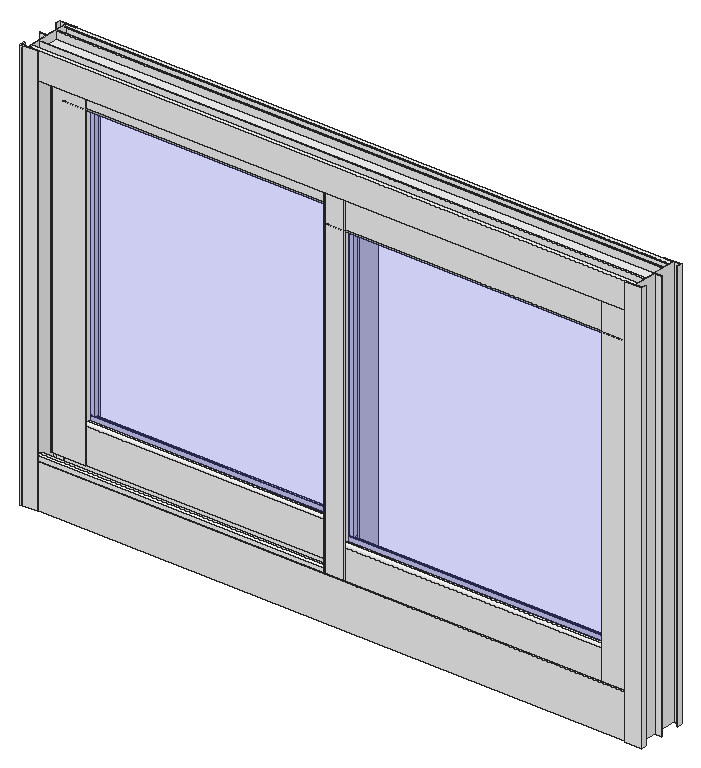
Revit family "Elite_Sliding_Window_XX_Custom", category Windows, host Wall, Revit 2014 (continued)
Definition of nested family "Elite_Sash_Outer_XX_Cust"
  Definition of nested family "Elite_Lock_Stile"
    Forms (mm)
      Extrusion 3, void
        sketch origin (13, 14.5, 0) x (1, 0, 0) y (0, 0, 1)
          loop
            line (6.5, 250) -> (-6.5, 250) -> (-6.5, 224) -> (6.5, 224) -> (6.5, 250)
          loop
            line (6.5, 0) -> (6.5, 26) -> (-6.5, 26) -> (-6.5, 0) -> (6.5, 0)
        from 0 to 250
    Cuts and joins
      Extrusion 2, Extrusion 3 cuts Extrusion 1
    Dimensions and locks
      "Height Large Cut": Extrusion 2 sketch curve to Extrusion 2 sketch curve  (x2)
      "Height Rail Cut": Extrusion 3 sketch curve to Extrusion 3 sketch curve  (x2)
      "Width Rail Cut": Extrusion 3 sketch curve to Extrusion 3 sketch curve  (x2)
      "Side Gap Rail Cut": Extrusion 3 sketch curve to cut or joined group of Extrusion 1, Extrusion 2, Extrusion 3  (x2)
      aligned and locked: level to plane 2
      aligned and locked: Extrusion 1 to Extrusion 2 sketch curve  (x2)
      aligned and locked: Extrusion 2 sketch curve to Extrusion 1  (x4)
      aligned and locked: Extrusion 3 sketch curve to cut or joined group of Extrusion 1, Extrusion 2, Extrusion 3
      aligned and locked: cut or joined group of Extrusion 1, Extrusion 2, Extrusion 3 to Extrusion 3 sketch curve
    Automatic sketch dimensions
      Extrusion 1 sketch curve to plane 3 "Center (Left/Right)" = 0 mm
      plane 1 "Center (Front/Back)" to Extrusion 1 sketch curve = 0 mm  (x2)
      plane 3 "Center (Left/Right)" to Extrusion 1 sketch curve = 1.2 mm
      plane 3 "Center (Left/Right)" to Extrusion 1 sketch curve = 1.5 mm  (x2)
      Extrusion 1 sketch curve to Extrusion 1 sketch curve = 0 mm  (x4)
      Extrusion 1 sketch curve to Extrusion 1 sketch curve = 0.3 mm  (x2)
      Extrusion 1 sketch curve to Extrusion 1 sketch curve = 1.3 mm  (x2)
      Extrusion 1 sketch curve to Extrusion 1 sketch curve = 1 mm  (x4)
      Extrusion 1 sketch curve to Extrusion 1 sketch curve = 5 mm  (x4)
      Extrusion 1 sketch curve to Extrusion 1 sketch curve = 1.5 mm  (x6)
      Extrusion 1 sketch curve to plane 1 "Center (Front/Back)" = 2.4 mm
      Extrusion 1 sketch curve to Extrusion 1 sketch curve = 19 mm
      Extrusion 1 sketch curve to Extrusion 1 sketch curve = 2 mm
      Extrusion 1 sketch curve to Extrusion 1 sketch curve = 1.2 mm  (x6)
      Extrusion 1 sketch curve to plane 1 "Center (Front/Back)" = 1.2 mm  (x2)
      Extrusion 1 sketch curve to Extrusion 1 sketch curve = 5.2 mm  (x2)
      Extrusion 1 sketch curve to Extrusion 1 sketch curve = 3 mm
      Extrusion 1 sketch curve to Extrusion 1 sketch curve = 20 mm
      Extrusion 1 sketch curve to Extrusion 1 sketch curve = 7 mm  (x2)
      Extrusion 1 sketch curve to Extrusion 1 sketch curve = 4.5 mm  (x2)
      Extrusion 1 sketch curve to Extrusion 1 sketch curve = 0.8 mm  (x2)
  Definition of nested family "Elite_Interlocker"
    Parameters (values of type "Elite_Interlocker")
      Rail Cut Width = 13 mm  # constant formula
      Rail Cut Side Spacing = 5 mm  # constant formula
      Rail Cut Height = 26 mm  # constant formula
      Profile Material [instance] = none
      Length Interlocker [instance] = 250 mm
      Large Cut Height = 55 mm  # constant formula
    Reference planes
      plane 1 "Center (Front/Back)": y = 0
      plane 2: z = 0
      plane 3 "Center (Left/Right)": x = 0
    Forms (mm)
      Extrusion 1, solid, material <- "Profile Material"
        sketch origin (0, 0, 0) x (1, 0, 0) y (0, 1, 0)
          loop
            line (6.916, 36.467) -> (6.916, 6.667) -> (39.416, 6.667) -> (39.416, 9.551) -> (38.416, 9.551) -> (38.416, 8.167) -> (37.116, 8.167) -> (37.116, 9.551) -> (36.116, 9.551) -> (36.116, 8.167) -> (32.916, 8.167) -> (32.916, 15.167) -> (36.116, 15.167) -> (36.116, 13.78) -> (37.116, 13.78) -> (37.116, 15.167) -> (38.416, 15.167) -> (38.416, 13.78) -> (39.416, 13.78) -> (39.416, 25.167)
            arc (39.416, 25.167) -> (38.973, 25.663) -> (38.429, 25.28) r 0.5
            line (38.429, 25.28) -> (36.426, 16.667) -> (32.916, 16.667) -> (32.916, 36.467) -> (31.416, 36.467) -> (31.416, 35.667) -> (24.916, 35.667) -> (24.916, 29.667) -> (26.416, 29.667) -> (26.416, 34.167) -> (31.416, 34.167) -> (31.416, 22.667) -> (19.916, 22.667) -> (8.416, 22.667) -> (8.416, 34.167) -> (13.416, 34.167) -> (13.416, 29.667) -> (14.916, 29.667) -> (14.916, 35.667) -> (8.416, 35.667) -> (8.416, 36.467) -> (6.916, 36.467)
          loop
            line (8.416, 21.167) -> (8.416, 8.167) -> (31.416, 8.167) -> (31.416, 21.167) -> (19.916, 21.167) -> (8.416, 21.167)
        from 0 to 250 <- "Length Interlocker"
      Extrusion 2, void
        sketch origin (14.616, 35.667, 0) x (1, 0, 0) y (0, 0, 1)
          loop
            line (11.8, 250) -> (-1.2, 250) -> (-1.2, 224) -> (11.8, 224) -> (11.8, 250)
          loop
            line (-1.2, 0) -> (11.8, 0) -> (11.8, 26) -> (-1.2, 26) -> (-1.2, 0)
        from 0 to 250
      Extrusion 3, void
        sketch origin (31.316, 35.667, 0) x (1, 0, 0) y (0, 0, 1)
          loop
            line (0.1, 250) -> (-22.9, 250) -> (-22.9, 195) -> (0.1, 195) -> (0.1, 250)
          loop
            line (-22.9, 0) -> (0.1, 0) -> (0.1, 55) -> (-22.9, 55) -> (-22.9, 0)
        from 0 to 25
    Cuts and joins
      Extrusion 2, Extrusion 3 cuts Extrusion 1
    Dimensions and locks
      "Rail Cut Width": Extrusion 2 sketch curve to Extrusion 2 sketch curve  (x2)
      "Rail Cut Side Spacing": Extrusion 2 sketch curve to Extrusion 1  (x2)
      "Rail Cut Height": Extrusion 2 sketch curve to Extrusion 2 sketch curve  (x2)
      "Large Cut Height": Extrusion 3 sketch curve to Extrusion 3 sketch curve  (x2)
      aligned and locked: level to plane 2
      aligned and locked: Extrusion 1 to Extrusion 2 sketch curve  (x2)
      aligned and locked: Extrusion 3 sketch curve to cut or joined group of Extrusion 1, Extrusion 2, Extrusion 3  (x4)
      aligned and locked: cut or joined group of Extrusion 1, Extrusion 2, Extrusion 3 to Extrusion 3 sketch curve  (x2)
    Automatic sketch dimensions
      plane 3 "Center (Left/Right)" to Extrusion 1 sketch curve = 6.916 mm
      plane 3 "Center (Left/Right)" to Extrusion 1 sketch curve = 8.416 mm
      Extrusion 1 sketch curve to Extrusion 1 sketch curve = 1.5 mm  (x11)
      Extrusion 1 sketch curve to Extrusion 1 sketch curve = 0 mm  (x6)
      Extrusion 1 sketch curve to Extrusion 1 sketch curve = 5 mm  (x4)
      Extrusion 1 sketch curve to Extrusion 1 sketch curve = 3.2 mm  (x2)
      Extrusion 1 sketch curve to Extrusion 1 sketch curve = 0.31 mm
      Extrusion 1 sketch curve to Extrusion 1 sketch curve = 1 mm  (x4)
      Extrusion 1 sketch curve to Extrusion 1 sketch curve = 1.3 mm  (x2)
      Extrusion 1 sketch curve to Extrusion 1 sketch curve = 7.013 mm
      Extrusion 1 sketch curve to Extrusion 1 sketch curve = 0.487 mm
      Extrusion 1 sketch curve to plane 1 "Center (Front/Back)" = 6.667 mm
      Extrusion 1 sketch curve to Extrusion 1 sketch curve = 1.384 mm  (x2)
      Extrusion 1 sketch curve to Extrusion 1 sketch curve = 4.229 mm
      Extrusion 1 sketch curve to Extrusion 1 sketch curve = 1.387 mm  (x2)
      Extrusion 1 sketch curve to Extrusion 1 sketch curve = 13 mm
      Extrusion 1 sketch curve to Extrusion 1 sketch curve = 2.5 mm
      Extrusion 1 sketch curve to Extrusion 1 sketch curve = 7 mm  (x2)
      Extrusion 1 sketch curve to Extrusion 1 sketch curve = 4.5 mm  (x2)
      Extrusion 1 sketch curve to Extrusion 1 sketch curve = 0.8 mm  (x2)
  Definition of nested family "Elite_Sash_Top"
    Parameters (values of type "Elite_Sash_Top")
      Profile Material [instance] = none
      Length Sash Top [instance] = 250 mm
    Reference planes
      plane 1 "Center (Front/Back)": y = 0
      plane 2: z = 0
      plane 3 "Center (Left/Right)": x = 0
    Forms (mm)
      Extrusion 1, solid, material <- "Profile Material"
        sketch origin (0, -88.953, -123.01) x (0, 1, 0) y (0, 0, 1)
          loop
            line (92.953, 217.01) -> (95.303, 217.01) -> (95.303, 223.01) -> (93.853, 223.01) -> (93.853, 218.46) -> (92.953, 218.46)
            arc (92.953, 218.46) -> (91.15, 219.207) -> (90.403, 221.01) r 2.55
            line (90.403, 221.01) -> (90.403, 230.06) -> (110.203, 230.06) -> (110.203, 221.01)
            arc (110.203, 221.01) -> (109.456, 219.207) -> (107.653, 218.46) r 2.55
            line (107.653, 218.46) -> (106.753, 218.46) -> (106.753, 223.01) -> (105.303, 223.01) -> (105.303, 217.01) -> (107.653, 217.01)
            arc (107.653, 217.01) -> (110.482, 218.181) -> (111.653, 221.01) r 4
            line (111.653, 221.01) -> (111.653, 271.01) -> (107.403, 271.01) -> (107.403, 268.61) -> (108.603, 268.61) -> (108.603, 269.81) -> (110.203, 269.81) -> (110.203, 262.21) -> (108.603, 262.21) -> (108.603, 263.41) -> (107.403, 263.41) -> (107.403, 261.01) -> (110.203, 261.01) -> (110.203, 231.51) -> (90.403, 231.51) -> (90.403, 261.01) -> (93.203, 261.01) -> (93.203, 263.41) -> (92.003, 263.41) -> (92.003, 262.21) -> (90.403, 262.21) -> (90.403, 269.81) -> (92.003, 269.81) -> (92.003, 268.61) -> (93.203, 268.61) -> (93.203, 271.01) -> (88.953, 271.01) -> (88.953, 221.01)
            arc (88.953, 221.01) -> (90.125, 218.181) -> (92.953, 217.01) r 4
        from 0 to 250 <- "Length Sash Top"
    Dimensions and locks
      aligned and locked: level to plane 2
  Definition of nested family "Elite_Sash_Bottom"
    Parameters (values of type "Elite_Sash_Bottom")
      Profile Material [instance] = none
      Length Sash Bottom [instance] = 250 mm
    Reference planes
      plane 1 "Center (Front/Back)": y = 0
      plane 2: z = 0
      plane 3 "Center (Left/Right)": x = 0
    Forms (mm)
      Extrusion 1, solid, material <- "Profile Material"
        sketch origin (0, -88.953, -123.01) x (0, 1, 0) y (0, 0, 1)
          loop
            arc (92.953, 177.01) -> (90.125, 175.838) -> (88.953, 173.01) r 4
            line (88.953, 173.01) -> (88.953, 123.01) -> (93.203, 123.01) -> (93.203, 125.41) -> (92.003, 125.41) -> (92.003, 124.21) -> (90.403, 124.21) -> (90.403, 131.81) -> (92.003, 131.81) -> (92.003, 130.61) -> (93.203, 130.61) -> (93.203, 133.01) -> (90.403, 133.01) -> (90.403, 162.51) -> (110.203, 162.51) -> (110.203, 133.01) -> (107.403, 133.01) -> (107.403, 130.61) -> (108.603, 130.61) -> (108.603, 131.81) -> (110.203, 131.81) -> (110.203, 124.21) -> (108.603, 124.21) -> (108.603, 125.41) -> (107.403, 125.41) -> (107.403, 123.01) -> (111.653, 123.01) -> (111.653, 173.01)
            arc (111.653, 173.01) -> (110.482, 175.838) -> (107.653, 177.01) r 4
            line (107.653, 177.01) -> (105.303, 177.01) -> (105.303, 171.01) -> (106.753, 171.01) -> (106.753, 175.56) -> (107.653, 175.56)
            arc (107.653, 175.56) -> (109.456, 174.813) -> (110.203, 173.01) r 2.55
            line (110.203, 173.01) -> (110.203, 163.96) -> (90.403, 163.96) -> (90.403, 173.01)
            arc (90.403, 173.01) -> (91.15, 174.813) -> (92.953, 175.56) r 2.55
            line (92.953, 175.56) -> (93.853, 175.56) -> (93.853, 171.01) -> (95.303, 171.01) -> (95.303, 177.01) -> (92.953, 177.01)
        from 0 to 250 <- "Length Sash Bottom"
    Dimensions and locks
      aligned and locked: level to plane 2
  Definition of nested family "Elite_Heavy_Duty_Interlocker_Outside"
    Parameters (values of type "Elite_Heavy_Duty_Interlocker_Outside")
      Side Cut Width = 20 mm  # constant formula
      Side Cut Height Top = 26 mm  # constant formula
      Profile Material [instance] = none
      Length Heavy Duty Interlocker [instance] = 250 mm
      Large Cut Height = 55 mm  # constant formula
      Cut Width = 13 mm  # constant formula
      Cut Side Spacing = 5 mm  # constant formula
      Cut Height = 26 mm  # constant formula
    Reference planes
      plane 1 "Center (Front/Back)": y = 0
      plane 2: z = 0
      plane 3 "Center (Left/Right)": x = 0
    Forms (mm)
      Extrusion 1, solid, material <- "Profile Material"
        sketch origin (0, 0, 0) x (1, 0, 0) y (0, 1, 0)
          loop
            arc (4, 27.5) -> (2.232, 26.768) -> (1.5, 25) r 2.5
            line (1.5, 25) -> (1.5, 4)
            arc (1.5, 4) -> (2.232, 2.232) -> (4, 1.5) r 2.5
            line (4, 1.5) -> (20, 1.5) -> (20, 27.5) -> (4, 27.5)
          loop
            line (21.5, 14.5) -> (21.5, 1.5) -> (33, 1.5) -> (44.5, 1.5) -> (44.5, 14.5) -> (33, 14.5) -> (21.5, 14.5)
          loop
            line (46, 10) -> (46, 29.8) -> (44.5, 29.8) -> (44.5, 29) -> (38, 29) -> (38, 23) -> (39.5, 23) -> (39.5, 27.5) -> (44.5, 27.5) -> (44.5, 16) -> (33, 16) -> (21.5, 16) -> (21.5, 27.5) -> (26.5, 27.5) -> (26.5, 23) -> (28, 23) -> (28, 29) -> (21.5, 29) -> (21.5, 29.8) -> (20, 29.8) -> (20, 29) -> (4, 29)
            arc (4, 29) -> (1.172, 27.828) -> (0, 25) r 4
            line (0, 25) -> (0, 4)
            arc (0, 4) -> (1.172, 1.172) -> (4, 0) r 4
            line (4, 0) -> (52.5, 0) -> (52.5, 2.866) -> (51.5, 2.866) -> (51.5, 1.5) -> (50.2, 1.5) -> (50.2, 2.866) -> (49.2, 2.866) -> (49.2, 1.5) -> (46, 1.5) -> (46, 8.5) -> (49.2, 8.5) -> (49.2, 7.121) -> (50.2, 7.121) -> (50.2, 8.5) -> (51.5, 8.5) -> (51.5, 7.121) -> (52.5, 7.121) -> (52.5, 18.5)
            arc (52.5, 18.5) -> (52.057, 18.997) -> (51.513, 18.613) r 0.5
            line (51.513, 18.613) -> (49.51, 10) -> (46, 10)
        from 0 to 250 <- "Length Heavy Duty Interlocker"
      Extrusion 2, void
        sketch origin (44.4, 29, 0) x (1, 0, 0) y (0, 0, 1)
          loop
            line (-4.9, 250) -> (-17.9, 250) -> (-17.9, 224) -> (-4.9, 224) -> (-4.9, 250)
          loop
            line (-4.9, 0) -> (-4.9, 26) -> (-17.9, 26) -> (-17.9, 0) -> (-4.9, 0)
        from 0 to 250
      Extrusion 3, void
        sketch origin (44.4, 29, 0) x (1, 0, 0) y (0, 0, 1)
          loop
            line (0.1, 250) -> (-22.9, 250) -> (-22.9, 195) -> (0.1, 195) -> (0.1, 250)
          loop
            line (0.1, 0) -> (0.1, 55) -> (-22.9, 55) -> (-22.9, 0) -> (0.1, 0)
        from 0 to 25
      Extrusion 4, void
        sketch origin (19.7, 29, 0) x (1, 0, 0) y (0, 0, 1)
          loop
            line (0.3, 250) -> (-19.7, 250) -> (-19.7, 224) -> (0.3, 224) -> (0.3, 250)
        from 0 to 250
    Cuts and joins
      Extrusion 2, Extrusion 3, Extrusion 4 cuts Extrusion 1
    Dimensions and locks
      "Cut Width": Extrusion 2 sketch curve to Extrusion 2 sketch curve  (x2)
      "Cut Side Spacing": Extrusion 2 sketch curve to Extrusion 1  (x2)
      "Cut Height": Extrusion 2 sketch curve to Extrusion 2 sketch curve  (x2)
      "Large Cut Height": Extrusion 3 sketch curve to Extrusion 3 sketch curve  (x2)
      "Side Cut Width": Extrusion 4 sketch curve to Extrusion 4 sketch curve
      "Side Cut Height Top": Extrusion 4 sketch curve to Extrusion 4 sketch curve
      aligned and locked: level to plane 2
      aligned and locked: Extrusion 2 sketch curve to Extrusion 1
      aligned and locked: Extrusion 1 to Extrusion 2 sketch curve
      aligned and locked: cut or joined group of Extrusion 1, Extrusion 2, Extrusion 3, Extrusion 4 to Extrusion 3 sketch curve  (x2)
      aligned and locked: Extrusion 3 sketch curve to cut or joined group of Extrusion 1, Extrusion 2, Extrusion 3, Extrusion 4  (x4)
      aligned and locked: Extrusion 4 sketch curve to cut or joined group of Extrusion 1, Extrusion 2, Extrusion 3, Extrusion 4
      aligned and locked: cut or joined group of Extrusion 1, Extrusion 2, Extrusion 3, Extrusion 4 to Extrusion 4 sketch curve
    Automatic sketch dimensions
      Extrusion 1 sketch curve to Extrusion 1 sketch curve = 0 mm  (x11)
      Extrusion 1 sketch curve to plane 3 "Center (Left/Right)" = 0 mm
      plane 1 "Center (Front/Back)" to Extrusion 1 sketch curve = 0 mm
      plane 3 "Center (Left/Right)" to Extrusion 1 sketch curve = 1.5 mm
      Extrusion 1 sketch curve to Extrusion 1 sketch curve = 2.5 mm  (x3)
      Extrusion 1 sketch curve to Extrusion 1 sketch curve = 16 mm
      Extrusion 1 sketch curve to Extrusion 1 sketch curve = 1.5 mm  (x10)
      Extrusion 1 sketch curve to Extrusion 1 sketch curve = 5 mm  (x3)
      Extrusion 1 sketch curve to plane 1 "Center (Front/Back)" = 1.5 mm  (x3)
      Extrusion 1 sketch curve to Extrusion 1 sketch curve = 11.5 mm  (x2)
      Extrusion 1 sketch curve to Extrusion 1 sketch curve = 10 mm
      Extrusion 1 sketch curve to Extrusion 1 sketch curve = 3.2 mm  (x2)
      Extrusion 1 sketch curve to plane 1 "Center (Front/Back)" = 10 mm
      Extrusion 1 sketch curve to Extrusion 1 sketch curve = 0.31 mm
      Extrusion 1 sketch curve to Extrusion 1 sketch curve = 1 mm  (x4)
      Extrusion 1 sketch curve to Extrusion 1 sketch curve = 1.3 mm  (x2)
      Extrusion 1 sketch curve to Extrusion 1 sketch curve = 7.013 mm
      Extrusion 1 sketch curve to Extrusion 1 sketch curve = 0.487 mm
      Extrusion 1 sketch curve to Extrusion 1 sketch curve = 1.366 mm
      Extrusion 1 sketch curve to Extrusion 1 sketch curve = 2.879 mm
      Extrusion 1 sketch curve to Extrusion 1 sketch curve = 4.5 mm  (x3)
      Extrusion 1 sketch curve to Extrusion 1 sketch curve = 7 mm  (x2)
      Extrusion 1 sketch curve to Extrusion 1 sketch curve = 9 mm
      Extrusion 1 sketch curve to Extrusion 1 sketch curve = 0.8 mm  (x2)
